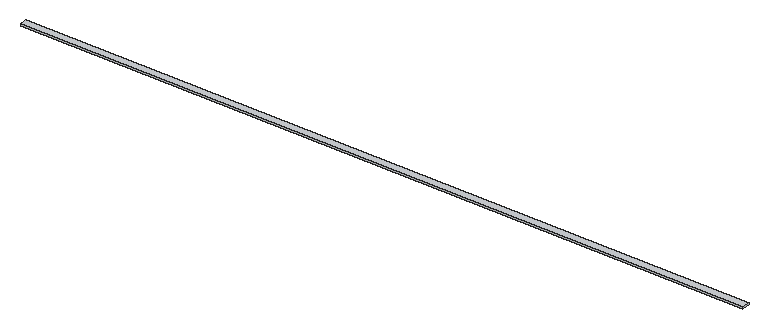
Revit family "ECOBRILLOSA 2216 IP20_S242210.N.1", category Luminarias, Revit 2019
Family settings
  Cota de conector redondo = Diámetro de uso
  Tipo de pieza = Normal
  Se basa en plano de trabajo = Sí
  Siempre vertical = No
  Corte con vacíos al cargar = No
  Origen de luz = Sí
  Compartido = No
  Punto de cálculo de habitación = No
Parameters (values of type "ECOBRILLOSA 2216 IP20_S242210.N.1")
  Tilt Angle = 60.00°
  Zone [instance] = ""
  Watt per fixture [instance] = (Longitud / 1000 mm) * (14.4)  # 14.4
  Wattage = 14.4 W
  built-in parameter 1150107 = 4000 (stored number, unit not read)
  built-in parameter 1150110 = 1 (stored number, unit not read)
  built-in parameter 1150109 = 1 (stored number, unit not read)
  built-in parameter 1150112 = 1 (stored number, unit not read)
  built-in parameter 1150113 = 1 (stored number, unit not read)
  built-in parameter 1114218 = 1 (stored number, unit not read)
  built-in parameter 1150142 = "IESNA:LM-63-1995\r\n[TEST]  \r\n[DATE] 2018/06/28\r\n[MANUFAC] BRILLANTE ILUMINACION\r\n[LUMCAT] \r\n[LUMINAIRE] ECOBRILLOSA 2216 IP20\r\n[LAMPCAT] S242210.N.1\r\n[LAMP] ECOBRILLOSA 2216 IP20  4000°K\r\n[BALLASTCAT] \r\n[BALLAST] \r\n[OTHER]  \r\n[More] Temprature:25 Humidity:40\r\n[More] Frequency:DC Voltage:24.0 Current:0.637 Power:15.3 PF:0.000\r\nTILT=NONE\r\n1 1511.000 1.000 13 13 2 2 0.0 1.0 0.0\r\n1.0 1.0 15.3\r\n-90.0 -75.0 -60.0 -45.0 -30.0 -15.0 0.0 15.0 30.0 45.0 60.0 75.0 90.0\r\n-90.0 -75.0 -60.0 -45.0 -30.0 -15.0 0.0 15.0 30.0 45.0 60.0 75.0 90.0\r\n1.906 1.906 1.906 1.906 1.906 1.906 1.906 1.906 1.906 1.906 1.906 1.906 1.906\r\n2.758 17.690 38.274 60.172 79.335 92.029 96.168 92.136 80.118 60.859 39.345 17.063 2.281\r\n2.955 39.604 92.554 145.794 190.140 217.825 224.096 219.092 193.172 149.926 96.992 44.058 5.526\r\n2.474 63.968 148.710 230.139 292.411 327.482 342.311 327.735 291.722 229.479 148.961 64.789 6.270\r\n2.401 77.706 187.572 285.995 365.704 413.164 429.354 414.646 369.533 296.020 197.201 86.883 6.383\r\n2.329 94.690 220.915 331.885 415.929 462.959 478.864 461.014 411.972 328.174 217.392 93.980 6.065\r\n2.295 93.866 223.998 341.034 426.980 479.929 498.028 480.354 429.079 346.742 233.291 103.141 5.708\r\n2.326 94.089 222.344 333.968 416.110 466.978 483.246 465.432 414.071 331.397 220.802 94.586 5.859\r\n2.324 77.594 188.587 288.474 368.018 415.737 432.235 416.393 368.539 297.114 197.308 86.300 6.017\r\n2.426 64.311 150.524 232.976 295.420 333.979 344.435 333.055 291.182 231.588 148.652 63.748 5.357\r\n2.515 39.176 93.088 147.001 191.902 219.635 229.897 221.305 193.943 150.395 96.891 43.569 4.476\r\n2.902 18.455 40.041 63.257 82.873 95.757 99.537 95.518 83.129 63.687 40.070 18.802 2.234\r\n1.913 1.913 1.913 1.913 1.913 1.913 1.913 1.913 1.913 1.913 1.913 1.913 1.913\r\n"
  built-in parameter 1150137 = (empty or 0)
  built-in parameter 1150132 = (empty or 0)
  Modelo Lampara = "2216 SMD"
  Modelo = "S242210.N.1"
  Marca = "BRILLANT"
  Longitud de línea de emisión = 600 mm
  Longitud [instance] = 1000 mm
  built-in parameter 1150105 = 138117.3 (stored number, unit not read)
  built-in parameter 1150102 = (empty or 0)
  built-in parameter 1150106 = 1381.2 (stored number, unit not read)
  Lumens = 1440 lm
  Color Filter = 16777215
  built-in parameter 1114217 = 1 (stored number, unit not read)
  built-in parameter 1150139 = (empty or 0)
  Fabricante = "BRILLANT"
  Default Elevation = 0 mm
  built-in parameter 1150104 = 9.2903 (stored number, unit not read)
  Descripción = "TIRA ECOBRILLOSA 2216 MONOCROMATICA DE PCB BLANCO MONTADA EN UNA CINTA ADHERIBLE 3M CON UNA POTENCIA DE 14.4W/M DE UN TIPO DE LED 2216 SMD, USO PARA INTERIORES IP20, IRC 90, TEMPERATURA EN BLANCO FRIO 4000K, 1440 LUMENES/M, PRESENTACION DE 5M, CORTE 3.3CM, ALIMENTADO A 24V, REQUIERE ACCESORIOS."
  built-in parameter 1150115 = 1 (stored number, unit not read)
  built-in parameter 1150114 = 1 (stored number, unit not read)
  Comentarios de vataje = "24"
  built-in parameter 1150138 = (empty or 0)
  built-in parameter 1150134 = 12
  Circuit [instance] = ""
  Dimming Lamp Color Temperature Shift = (empty or 0)
  Archivo de red fotométrica = "S242210.N.1.IES.IES"
  built-in parameter 1150133 = 10 (stored number, unit not read)
Reference planes
  plane 1 "Centro (Frontal/Posterior)": y = 0
  plane 2: z = 0
  plane 3 "Centro (Izquierda/Derecha)": x = 0
  plane 4 "IZQ": x = -407.821
  plane 5: x = 592.179
  plane 6: z = 2.139
  plane 7 "DER": x = 592.179
Forms (mm)
  Extrusion 1, solid
    sketch origin (0, 0, 0) x (1, 0, 0) y (0, 1, 0)
      loop
        line (-407.821, 5) -> (-407.821, -5) -> (592.179, -5) -> (592.179, 5) -> (-407.821, 5)
    from 0 to 2.139
Dimensions and locks
  plane 6 to imposter light = 2.139 mm
  "Longitud": plane 4 "IZQ" to plane 7 "DER"
  aligned and locked: level to plane 2
  aligned and locked: plane 4 "IZQ" to Extrusion 1
  aligned and locked: Extrusion 1 to plane 5
  aligned and locked: plane 6 to Extrusion 1
  aligned and locked: plane 7 "DER" to Extrusion 1
Connectors
  electrical at (592.179, 0, 1.07)
    settings: on Extrusion 1, index 1, voltage 24 V, apparent load 0 VA, apparent load phase1 0 VA, apparent load phase2 0 VA, apparent load phase3 0 VA, power factor 1, load classification "Otro", number of poles 1, system type 31, power factor state 1, is connector primary yes, connector utility no, sub classification motor no, connector description ""
